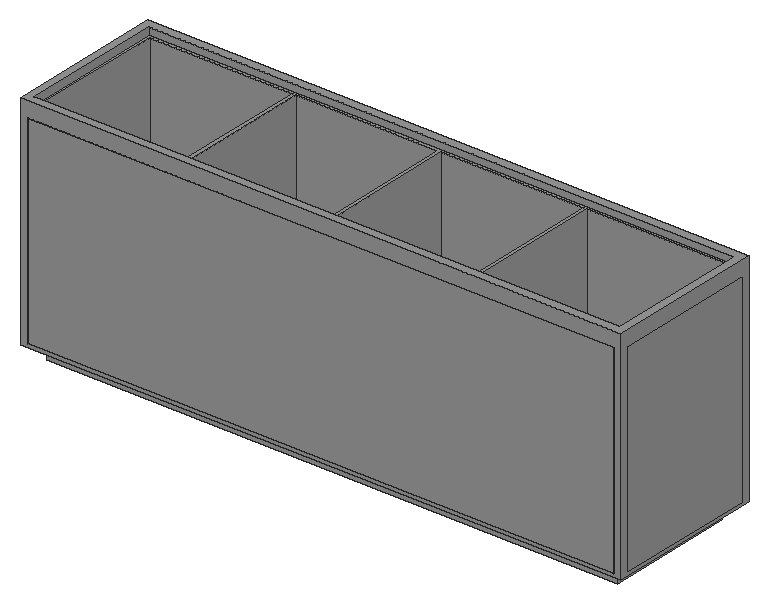
Revit family "15224 Умная урна Смартчейн версия 1.0 Хоббика", category Антураж, Revit 2018
Family settings
  На основе рабочей плоскости = Нет
  Всегда вертикально = Да
  При загрузке вырезать с полостями = Нет
  Источник визуального образа = Геометрия семейства
  Общий = Нет
  Точка расчета площади = Нет
Parameters (values of type "4 секции")
  Экран = Экран
  Ширина = 540 mm  # constant formula
  Цвет каркаса = Сталь
  Описание = if([1 секция], "Умная урна Смартчейн версия 1.0. Версия на 1 секцию", if([2 секции], "Умная урна Смартчейн версия 1.0. Версия на 2 секции", if([3 секции], "Умная урна Смартчейн версия 1.0. Версия на 3 секции", "Умная урна Смартчейн версия 1.0. Версия на 4 секции")))  # "Умная урна Смартчейн версия 1.0. Версия на 4 секции"
  Материал изделия = "Сталь"  # constant formula
  Изображение типоразмера = Умная урна Смартчейн версия 1.0 Арт 15224 4 секции.jpg
  Изготовитель = "ООО «Хоббика»"  # constant formula
  Длина = if([1 секция], 540 mm, if([2 секции], 1040 mm, if([3 секции], 1540 mm, 2040 mm)))  # 2040 mm
  Группа модели = "Умная городская мебель"  # constant formula
  Высота = 800 mm  # constant formula
  Артикул товара = "Арт. 15224"  # constant formula
  URL = "https://hobbyka.ru/product/umnaya_urna_1"
  4 секции = yes
  3 секции = no
  2 секции = no
  1 секция = no
Types (5, lengths in mm): name | Описание | Изображение типоразмера | Длина | 4 секции | 2 секции | 1 секция
  (no name) | "Умная урна Смартчейн версия 1.0. Версия на 4 секции" | Умная урна Смартчейн версия 1.0 Арт 15224 4 секции.jpg | 2040 | yes | no | no
  1 секция | "Умная урна Смартчейн версия 1.0. Версия на 1 секцию" | Умная урна Смартчейн версия 1.0 Арт 15224 1 секция.jpeg | 540 | no | no | yes
  2 секции | "Умная урна Смартчейн версия 1.0. Версия на 2 секции" | Умная урна Смартчейн версия 1.0 Арт 15224 2 секции.jpeg | 1040 | no | yes | no
  3 секции | "Умная урна Смартчейн версия 1.0. Версия на 4 секции" | Умная урна Смартчейн версия 1.0 Арт 15224 3 секции.jpg | 2040 | yes | no | no
  4 секции | "Умная урна Смартчейн версия 1.0. Версия на 4 секции" | Умная урна Смартчейн версия 1.0 Арт 15224 4 секции.jpg | 2040 | yes | no | no
Reference planes
  plane 1 "По центру (Вперед/Назад)": y = 0
  plane 2: z = 0
  plane 3 "По центру (Влево/Вправо)": x = 0
  plane 4: y = 540
  plane 5: x = 2040
  plane 6: z = 800
Dimensions and locks
  "Длина": plane 3 "По центру (Влево/Вправо)" to plane 5
  "Ширина": plane 4 to plane 1 "По центру (Вперед/Назад)"
  "Высота": plane 6 to plane 2
  aligned and locked: level to plane 2
  aligned and locked: plane 1 "По центру (Вперед/Назад)" to nested 1
  aligned and locked: plane 3 "По центру (Влево/Вправо)" to nested 1
  aligned and locked: plane 1 "По центру (Вперед/Назад)" to nested 2
  aligned and locked: plane 1 "По центру (Вперед/Назад)" to nested 3
  aligned and locked: plane 1 "По центру (Вперед/Назад)" to nested 4
  aligned and locked: plane 3 "По центру (Влево/Вправо)" to nested 2
  aligned and locked: plane 3 "По центру (Влево/Вправо)" to nested 3
  aligned and locked: plane 3 "По центру (Влево/Вправо)" to nested 4
Nested families
  nested 1: "Умная урна Смартчейн версия 1.0 4 секции" at (0, 0, 0), visible <- "4 секции", type "Умная урна Смартчейн версия 1.0 4 секции"
  nested 2: "Умная урна Смартчейн версия 1.0 1 секция" at (0, 0, 0), visible <- "1 секция", type "Умная урна Смартчейн версия 1.0 1 секция"
  nested 3: "Умная урна Смартчейн версия 1.0 2 секции" at (0, 0, 0), visible <- "2 секции", type "Умная урна Смартчейн версия 1.0 2 секции"
  nested 4: "Умная урна Смартчейн версия 1.0 3 секции" at (0, 0, 0), visible <- "3 секции", type "Умная урна Смартчейн версия 1.0 3 секции"
Definition of nested family "Умная урна Смартчейн версия 1.0 4 секции"
  Parameters (values of type "Умная урна Смартчейн версия 1.0 4 секции")
    Экран = none
    Ширина = 540 mm
    Цвет каркаса = none
    Длина = 2040 mm
    Height = 0 mm
  Reference planes
    plane 1 "По центру (Вперед/Назад)": y = 0
    plane 2: z = 0
    plane 3 "По центру (Влево/Вправо)": x = 0
    plane 4: y = 540
    plane 5: x = 2040
  Forms (mm)
    Extrusion 1, solid, material <- "Цвет каркаса"
      sketch origin (0, 0, 0) x (1, 0, 0) y (0, 1, 0)
        loop
          line (50, 490) -> (50, 50) -> (1990, 50) -> (1990, 490) -> (50, 490)
      from 0 to 50
    Extrusion 2, solid, material <- "Цвет каркаса"
      sketch origin (0, 0, 0) x (1, 0, 0) y (0, 1, 0)
        loop
          line (0, 540) -> (0, 0) -> (2040, 0) -> (2040, 540) -> (0, 540)
      from 50 to 60
    Extrusion 3, solid, material <- "Цвет каркаса"
      sketch origin (0, 0, 0) x (1, 0, 0) y (0, 1, 0)
        loop
          line (0, 540) -> (0, 515) -> (25, 515) -> (25, 540) -> (0, 540)
        loop
          line (2015, 540) -> (2015, 515) -> (2040, 515) -> (2040, 540) -> (2015, 540)
        loop
          line (0, 25) -> (0, 0) -> (25, 0) -> (25, 25) -> (0, 25)
        loop
          line (2015, 25) -> (2015, 0) -> (2040, 0) -> (2040, 25) -> (2015, 25)
      from 60 to 750
    Extrusion 4, solid, material <- "Цвет каркаса"
      sketch origin (0, 0, 0) x (1, 0, 0) y (0, 1, 0)
        loop
          line (25, 515) -> (2015, 515) -> (2015, 527.5) -> (25, 527.5) -> (25, 515)
        loop
          line (25, 12.5) -> (2015, 12.5) -> (2015, 25) -> (25, 25) -> (25, 12.5)
      from 60 to 750
    Extrusion 5, solid, material <- "Цвет каркаса"
      sketch origin (0, 540, 0) x (0, -1, 0) y (1, 0, 0)
        loop
          line (25, 2015) -> (515, 2015) -> (515, 2027.5) -> (25, 2027.5) -> (25, 2015)
        loop
          line (25, 12.5) -> (515, 12.5) -> (515, 25) -> (25, 25) -> (25, 12.5)
      from 60 to 750
    Extrusion 6, solid, material <- "Цвет каркаса"
      sketch origin (0, 0, 0) x (1, 0, 0) y (0, 1, 0)
        loop
          line (0, 540) -> (0, 0) -> (2040, 0) -> (2040, 540) -> (0, 540)
        loop
          line (25, 515) -> (25, 25) -> (2015, 25) -> (2015, 515) -> (25, 515)
      from 750 to 800
    Extrusion 7, solid, material <- "Экран"
      sketch origin (0, 0, 0) x (1, 0, 0) y (0, 1, 0)
        loop
          line (25, 540) -> (25, 527.5) -> (2015, 527.5) -> (2015, 540) -> (25, 540)
        loop
          line (2027.5, 515) -> (2027.5, 25) -> (2040, 25) -> (2040, 515) -> (2027.5, 515)
        loop
          line (2015, 12.5) -> (25, 12.5) -> (25, 0) -> (2015, 0) -> (2015, 12.5)
        loop
          line (12.5, 25) -> (12.5, 515) -> (0, 515) -> (0, 25) -> (12.5, 25)
      from 60 to 750
    Extrusion 8, solid
      sketch origin (0, 0, 0) x (1, 0, 0) y (0, 1, 0)
        loop
          line (25, 515) -> (25, 25) -> (2015, 25) -> (2015, 515) -> (25, 515)
      from 60 to 70
    Extrusion 9, solid
      sketch origin (0, 0, 0) x (1, 0, 0) y (0, 1, 0)
        loop
          line (25, 515) -> (25, 25) -> (2015, 25) -> (2015, 515) -> (25, 515)
        loop
          line (35, 505) -> (35, 35) -> (520, 35) -> (520, 505) -> (35, 505)
        loop
          line (2005, 505) -> (1520, 505) -> (1520, 35) -> (2005, 35) -> (2005, 505)
        loop
          line (530, 505) -> (530, 35) -> (1015, 35) -> (1015, 505) -> (530, 505)
        loop
          line (1025, 505) -> (1025, 35) -> (1510, 35) -> (1510, 505) -> (1025, 505)
      from 70 to 775
  Cuts and joins
    joined: Extrusion 1, Extrusion 2, Extrusion 3, Extrusion 4, Extrusion 5, Extrusion 6
  Dimensions and locks
    "Длина": plane 3 "По центру (Влево/Вправо)" to plane 5
    "Ширина": plane 4 to plane 1 "По центру (Вперед/Назад)"
    aligned and locked: level to plane 2
  Automatic sketch dimensions
    Extrusion 1 sketch curve to plane 1 "По центру (Вперед/Назад)" = 50 mm
    plane 3 "По центру (Влево/Вправо)" to Extrusion 1 sketch curve = 50 mm
    Extrusion 1 sketch curve to plane 5 = 50 mm
    Extrusion 1 sketch curve to plane 4 = 50 mm
    plane 1 "По центру (Вперед/Назад)" to Extrusion 2 sketch curve = 0 mm
    Extrusion 2 sketch curve to plane 3 "По центру (Влево/Вправо)" = 0 mm
    Extrusion 2 sketch curve to plane 5 = 0 mm
    Extrusion 2 sketch curve to plane 4 = 0 mm
    Extrusion 3 sketch curve to plane 3 "По центру (Влево/Вправо)" = 0 mm  (x2)
    plane 1 "По центру (Вперед/Назад)" to Extrusion 3 sketch curve = 0 mm  (x2)
    Extrusion 3 sketch curve to plane 4 = 0 mm  (x2)
    Extrusion 3 sketch curve to plane 5 = 0 mm  (x2)
    plane 3 "По центру (Влево/Вправо)" to Extrusion 3 sketch curve = 25 mm  (x2)
    Extrusion 3 sketch curve to plane 5 = 25 mm
    Extrusion 3 sketch curve to Extrusion 3 sketch curve = 25 mm  (x3)
    Extrusion 3 sketch curve to plane 1 "По центру (Вперед/Назад)" = 25 mm
    Extrusion 3 sketch curve to plane 4 = 25 mm
    plane 3 "По центру (Влево/Вправо)" to Extrusion 4 sketch curve = 25 mm  (x2)
    Extrusion 4 sketch curve to plane 4 = 12.5 mm
    Extrusion 4 sketch curve to plane 5 = 25 mm  (x2)
    Extrusion 4 sketch curve to plane 1 "По центру (Вперед/Назад)" = 12.5 mm
    Extrusion 4 sketch curve to Extrusion 4 sketch curve = 12.5 mm  (x2)
    Extrusion 5 sketch curve to plane 4 = 25 mm  (x2)
    Extrusion 5 sketch curve to plane 1 "По центру (Вперед/Назад)" = 25 mm  (x2)
    plane 3 "По центру (Влево/Вправо)" to Extrusion 5 sketch curve = 12.5 mm
    Extrusion 5 sketch curve to Extrusion 5 sketch curve = 12.5 mm  (x2)
    Extrusion 5 sketch curve to plane 5 = 25 mm
    plane 1 "По центру (Вперед/Назад)" to Extrusion 6 sketch curve = 0 mm
    Extrusion 6 sketch curve to plane 3 "По центру (Влево/Вправо)" = 0 mm
    Extrusion 6 sketch curve to plane 4 = 0 mm
    Extrusion 6 sketch curve to plane 5 = 0 mm
    plane 3 "По центру (Влево/Вправо)" to Extrusion 6 sketch curve = 25 mm
    Extrusion 6 sketch curve to plane 5 = 25 mm
    Extrusion 6 sketch curve to plane 1 "По центру (Вперед/Назад)" = 25 mm
    Extrusion 6 sketch curve to plane 4 = 25 mm
    Extrusion 7 sketch curve to plane 3 "По центру (Влево/Вправо)" = 0 mm
    Extrusion 7 sketch curve to plane 4 = 0 mm
    plane 1 "По центру (Вперед/Назад)" to Extrusion 7 sketch curve = 0 mm
    Extrusion 7 sketch curve to plane 5 = 0 mm
    plane 3 "По центру (Влево/Вправо)" to Extrusion 7 sketch curve = 12.5 mm
    Extrusion 7 sketch curve to Extrusion 7 sketch curve = 12.5 mm  (x3)
    plane 3 "По центру (Влево/Вправо)" to Extrusion 7 sketch curve = 25 mm
    Extrusion 7 sketch curve to plane 1 "По центру (Вперед/Назад)" = 12.5 mm
    Extrusion 7 sketch curve to plane 5 = 25 mm  (x2)
    Extrusion 7 sketch curve to plane 1 "По центру (Вперед/Назад)" = 25 mm
    Extrusion 7 sketch curve to plane 4 = 25 mm  (x2)
    Extrusion 7 sketch curve to plane 4 = 12.5 mm
    plane 3 "По центру (Влево/Вправо)" to Extrusion 8 sketch curve = 25 mm
    Extrusion 8 sketch curve to plane 5 = 25 mm
    Extrusion 8 sketch curve to plane 1 "По центру (Вперед/Назад)" = 25 mm
    Extrusion 8 sketch curve to plane 4 = 25 mm
    plane 3 "По центру (Влево/Вправо)" to Extrusion 9 sketch curve = 25 mm
    Extrusion 9 sketch curve to Extrusion 9 sketch curve = 10 mm  (x7)
    Extrusion 9 sketch curve to plane 4 = 35 mm  (x4)
    Extrusion 9 sketch curve to plane 1 "По центру (Вперед/Назад)" = 35 mm  (x3)
    Extrusion 9 sketch curve to plane 1 "По центру (Вперед/Назад)" = 25 mm
    Extrusion 9 sketch curve to Extrusion 9 sketch curve = 485 mm  (x3)
    Extrusion 9 sketch curve to plane 5 = 35 mm
Definition of nested family "Умная урна Смартчейн версия 1.0 1 секция"
  Parameters (values of type "Умная урна Смартчейн версия 1.0 1 секция")
    Экран = none
    Ширина = 540 mm
    Цвет каркаса = none
    Длина = 540 mm
    Height = 0 mm
  Reference planes
    plane 1 "По центру (Вперед/Назад)": y = 0
    plane 2: z = 0
    plane 3 "По центру (Влево/Вправо)": x = 0
    plane 4: y = 540
    plane 5: x = 540
  Forms (mm)
    Extrusion 1, solid, material <- "Цвет каркаса"
      sketch origin (0, 0, 0) x (1, 0, 0) y (0, 1, 0)
        loop
          line (50, 490) -> (50, 50) -> (490, 50) -> (490, 490) -> (50, 490)
      from 0 to 50
    Extrusion 2, solid, material <- "Цвет каркаса"
      sketch origin (0, 0, 0) x (1, 0, 0) y (0, 1, 0)
        loop
          line (0, 540) -> (0, 0) -> (540, 0) -> (540, 540) -> (0, 540)
      from 50 to 60
    Extrusion 3, solid, material <- "Цвет каркаса"
      sketch origin (0, 0, 0) x (1, 0, 0) y (0, 1, 0)
        loop
          line (0, 540) -> (0, 515) -> (25, 515) -> (25, 540) -> (0, 540)
        loop
          line (515, 540) -> (515, 515) -> (540, 515) -> (540, 540) -> (515, 540)
        loop
          line (0, 25) -> (0, 0) -> (25, 0) -> (25, 25) -> (0, 25)
        loop
          line (515, 25) -> (515, 0) -> (540, 0) -> (540, 25) -> (515, 25)
      from 60 to 750
    Extrusion 4, solid, material <- "Цвет каркаса"
      sketch origin (0, 0, 0) x (1, 0, 0) y (0, 1, 0)
        loop
          line (25, 515) -> (515, 515) -> (515, 527.5) -> (25, 527.5) -> (25, 515)
        loop
          line (25, 12.5) -> (515, 12.5) -> (515, 25) -> (25, 25) -> (25, 12.5)
      from 60 to 750
    Extrusion 5, solid, material <- "Цвет каркаса"
      sketch origin (0, 540, 0) x (0, -1, 0) y (1, 0, 0)
        loop
          line (25, 515) -> (515, 515) -> (515, 527.5) -> (25, 527.5) -> (25, 515)
        loop
          line (25, 12.5) -> (515, 12.5) -> (515, 25) -> (25, 25) -> (25, 12.5)
      from 60 to 750
    Extrusion 6, solid, material <- "Цвет каркаса"
      sketch origin (0, 0, 0) x (1, 0, 0) y (0, 1, 0)
        loop
          line (0, 540) -> (0, 0) -> (540, 0) -> (540, 540) -> (0, 540)
        loop
          line (25, 515) -> (25, 25) -> (515, 25) -> (515, 515) -> (25, 515)
      from 750 to 800
    Extrusion 7, solid, material <- "Экран"
      sketch origin (0, 0, 0) x (1, 0, 0) y (0, 1, 0)
        loop
          line (25, 540) -> (25, 527.5) -> (515, 527.5) -> (515, 540) -> (25, 540)
        loop
          line (527.5, 515) -> (527.5, 25) -> (540, 25) -> (540, 515) -> (527.5, 515)
        loop
          line (515, 12.5) -> (25, 12.5) -> (25, 0) -> (515, 0) -> (515, 12.5)
        loop
          line (12.5, 25) -> (12.5, 515) -> (0, 515) -> (0, 25) -> (12.5, 25)
      from 60 to 750
    Extrusion 8, solid
      sketch origin (0, 0, 0) x (1, 0, 0) y (0, 1, 0)
        loop
          line (25, 515) -> (25, 25) -> (515, 25) -> (515, 515) -> (25, 515)
      from 60 to 70
    Extrusion 9, solid
      sketch origin (0, 0, 0) x (1, 0, 0) y (0, 1, 0)
        loop
          line (25, 515) -> (25, 25) -> (515, 25) -> (515, 515) -> (25, 515)
        loop
          line (35, 505) -> (35, 35) -> (505, 35) -> (505, 505) -> (35, 505)
      from 70 to 775
  Cuts and joins
    joined: Extrusion 1, Extrusion 2, Extrusion 3, Extrusion 4, Extrusion 5, Extrusion 6
  Dimensions and locks
    "Длина": plane 3 "По центру (Влево/Вправо)" to plane 5
    "Ширина": plane 4 to plane 1 "По центру (Вперед/Назад)"
    aligned and locked: level to plane 2
  Automatic sketch dimensions
    Extrusion 1 sketch curve to plane 1 "По центру (Вперед/Назад)" = 50 mm
    plane 3 "По центру (Влево/Вправо)" to Extrusion 1 sketch curve = 50 mm
    Extrusion 1 sketch curve to plane 5 = 50 mm
    Extrusion 1 sketch curve to plane 4 = 50 mm
    plane 1 "По центру (Вперед/Назад)" to Extrusion 2 sketch curve = 0 mm
    Extrusion 2 sketch curve to plane 3 "По центру (Влево/Вправо)" = 0 mm
    Extrusion 2 sketch curve to plane 5 = 0 mm
    Extrusion 2 sketch curve to plane 4 = 0 mm
    Extrusion 3 sketch curve to plane 3 "По центру (Влево/Вправо)" = 0 mm  (x2)
    plane 1 "По центру (Вперед/Назад)" to Extrusion 3 sketch curve = 0 mm  (x2)
    Extrusion 3 sketch curve to plane 4 = 0 mm  (x2)
    Extrusion 3 sketch curve to plane 5 = 0 mm  (x2)
    plane 3 "По центру (Влево/Вправо)" to Extrusion 3 sketch curve = 25 mm  (x2)
    Extrusion 3 sketch curve to plane 5 = 25 mm
    Extrusion 3 sketch curve to Extrusion 3 sketch curve = 25 mm  (x3)
    Extrusion 3 sketch curve to plane 1 "По центру (Вперед/Назад)" = 25 mm
    Extrusion 3 sketch curve to plane 4 = 25 mm
    plane 3 "По центру (Влево/Вправо)" to Extrusion 4 sketch curve = 25 mm  (x2)
    Extrusion 4 sketch curve to plane 4 = 12.5 mm
    Extrusion 4 sketch curve to plane 5 = 25 mm  (x2)
    Extrusion 4 sketch curve to plane 1 "По центру (Вперед/Назад)" = 12.5 mm
    Extrusion 4 sketch curve to Extrusion 4 sketch curve = 12.5 mm  (x2)
    Extrusion 5 sketch curve to plane 4 = 25 mm  (x2)
    Extrusion 5 sketch curve to plane 1 "По центру (Вперед/Назад)" = 25 mm  (x2)
    plane 3 "По центру (Влево/Вправо)" to Extrusion 5 sketch curve = 12.5 mm
    Extrusion 5 sketch curve to Extrusion 5 sketch curve = 12.5 mm  (x2)
    Extrusion 5 sketch curve to plane 5 = 25 mm
    plane 1 "По центру (Вперед/Назад)" to Extrusion 6 sketch curve = 0 mm
    Extrusion 6 sketch curve to plane 3 "По центру (Влево/Вправо)" = 0 mm
    Extrusion 6 sketch curve to plane 4 = 0 mm
    Extrusion 6 sketch curve to plane 5 = 0 mm
    plane 3 "По центру (Влево/Вправо)" to Extrusion 6 sketch curve = 25 mm
    Extrusion 6 sketch curve to plane 5 = 25 mm
    Extrusion 6 sketch curve to plane 1 "По центру (Вперед/Назад)" = 25 mm
    Extrusion 6 sketch curve to plane 4 = 25 mm
    Extrusion 7 sketch curve to plane 3 "По центру (Влево/Вправо)" = 0 mm
    Extrusion 7 sketch curve to plane 4 = 0 mm
    plane 1 "По центру (Вперед/Назад)" to Extrusion 7 sketch curve = 0 mm
    Extrusion 7 sketch curve to plane 5 = 0 mm
    plane 3 "По центру (Влево/Вправо)" to Extrusion 7 sketch curve = 12.5 mm
    Extrusion 7 sketch curve to Extrusion 7 sketch curve = 12.5 mm  (x3)
    plane 3 "По центру (Влево/Вправо)" to Extrusion 7 sketch curve = 25 mm
    Extrusion 7 sketch curve to plane 1 "По центру (Вперед/Назад)" = 12.5 mm
    Extrusion 7 sketch curve to plane 5 = 25 mm  (x2)
    Extrusion 7 sketch curve to plane 1 "По центру (Вперед/Назад)" = 25 mm
    Extrusion 7 sketch curve to plane 4 = 25 mm  (x2)
    Extrusion 7 sketch curve to plane 4 = 12.5 mm
    plane 3 "По центру (Влево/Вправо)" to Extrusion 8 sketch curve = 25 mm
    Extrusion 8 sketch curve to plane 5 = 25 mm
    Extrusion 8 sketch curve to plane 1 "По центру (Вперед/Назад)" = 25 mm
    Extrusion 8 sketch curve to plane 4 = 25 mm
    plane 3 "По центру (Влево/Вправо)" to Extrusion 9 sketch curve = 25 mm
    Extrusion 9 sketch curve to plane 5 = 25 mm
    Extrusion 9 sketch curve to plane 1 "По центру (Вперед/Назад)" = 25 mm
    Extrusion 9 sketch curve to plane 4 = 25 mm
    Extrusion 9 sketch curve to Extrusion 9 sketch curve = 10 mm  (x4)
Definition of nested family "Умная урна Смартчейн версия 1.0 2 секции"
  Parameters (values of type "Умная урна Смартчейн версия 1.0 2 секции")
    Экран = none
    Ширина = 540 mm
    Цвет каркаса = none
    Длина = 1040 mm
    Height = 0 mm
  Reference planes
    plane 1 "По центру (Вперед/Назад)": y = 0
    plane 2: z = 0
    plane 3 "По центру (Влево/Вправо)": x = 0
    plane 4: y = 540
    plane 5: x = 1040
  Forms (mm)
    Extrusion 1, solid, material <- "Цвет каркаса"
      sketch origin (0, 0, 0) x (1, 0, 0) y (0, 1, 0)
        loop
          line (50, 490) -> (50, 50) -> (990, 50) -> (990, 490) -> (50, 490)
      from 0 to 50
    Extrusion 2, solid, material <- "Цвет каркаса"
      sketch origin (0, 0, 0) x (1, 0, 0) y (0, 1, 0)
        loop
          line (0, 540) -> (0, 0) -> (1040, 0) -> (1040, 540) -> (0, 540)
      from 50 to 60
    Extrusion 3, solid, material <- "Цвет каркаса"
      sketch origin (0, 0, 0) x (1, 0, 0) y (0, 1, 0)
        loop
          line (0, 540) -> (0, 515) -> (25, 515) -> (25, 540) -> (0, 540)
        loop
          line (1015, 540) -> (1015, 515) -> (1040, 515) -> (1040, 540) -> (1015, 540)
        loop
          line (0, 25) -> (0, 0) -> (25, 0) -> (25, 25) -> (0, 25)
        loop
          line (1015, 25) -> (1015, 0) -> (1040, 0) -> (1040, 25) -> (1015, 25)
      from 60 to 750
    Extrusion 4, solid, material <- "Цвет каркаса"
      sketch origin (0, 0, 0) x (1, 0, 0) y (0, 1, 0)
        loop
          line (25, 515) -> (1015, 515) -> (1015, 527.5) -> (25, 527.5) -> (25, 515)
        loop
          line (25, 12.5) -> (1015, 12.5) -> (1015, 25) -> (25, 25) -> (25, 12.5)
      from 60 to 750
    Extrusion 5, solid, material <- "Цвет каркаса"
      sketch origin (0, 540, 0) x (0, -1, 0) y (1, 0, 0)
        loop
          line (25, 1015) -> (515, 1015) -> (515, 1027.5) -> (25, 1027.5) -> (25, 1015)
        loop
          line (25, 12.5) -> (515, 12.5) -> (515, 25) -> (25, 25) -> (25, 12.5)
      from 60 to 750
    Extrusion 6, solid, material <- "Цвет каркаса"
      sketch origin (0, 0, 0) x (1, 0, 0) y (0, 1, 0)
        loop
          line (0, 540) -> (0, 0) -> (1040, 0) -> (1040, 540) -> (0, 540)
        loop
          line (25, 515) -> (25, 25) -> (1015, 25) -> (1015, 515) -> (25, 515)
      from 750 to 800
    Extrusion 7, solid, material <- "Экран"
      sketch origin (0, 0, 0) x (1, 0, 0) y (0, 1, 0)
        loop
          line (25, 540) -> (25, 527.5) -> (1015, 527.5) -> (1015, 540) -> (25, 540)
        loop
          line (1027.5, 515) -> (1027.5, 25) -> (1040, 25) -> (1040, 515) -> (1027.5, 515)
        loop
          line (1015, 12.5) -> (25, 12.5) -> (25, 0) -> (1015, 0) -> (1015, 12.5)
        loop
          line (12.5, 25) -> (12.5, 515) -> (0, 515) -> (0, 25) -> (12.5, 25)
      from 60 to 750
    Extrusion 8, solid
      sketch origin (0, 0, 0) x (1, 0, 0) y (0, 1, 0)
        loop
          line (25, 515) -> (25, 25) -> (1015, 25) -> (1015, 515) -> (25, 515)
      from 60 to 70
    Extrusion 9, solid
      sketch origin (0, 0, 0) x (1, 0, 0) y (0, 1, 0)
        loop
          line (25, 515) -> (25, 25) -> (1015, 25) -> (1015, 515) -> (25, 515)
        loop
          line (35, 505) -> (35, 35) -> (515, 35) -> (515, 505) -> (35, 505)
        loop
          line (1005, 505) -> (525, 505) -> (525, 35) -> (1005, 35) -> (1005, 505)
      from 70 to 775
  Cuts and joins
    joined: Extrusion 1, Extrusion 2, Extrusion 3, Extrusion 4, Extrusion 5, Extrusion 6
  Dimensions and locks
    "Длина": plane 3 "По центру (Влево/Вправо)" to plane 5
    "Ширина": plane 4 to plane 1 "По центру (Вперед/Назад)"
    aligned and locked: level to plane 2
  Automatic sketch dimensions
    Extrusion 1 sketch curve to plane 1 "По центру (Вперед/Назад)" = 50 mm
    plane 3 "По центру (Влево/Вправо)" to Extrusion 1 sketch curve = 50 mm
    Extrusion 1 sketch curve to plane 5 = 50 mm
    Extrusion 1 sketch curve to plane 4 = 50 mm
    plane 1 "По центру (Вперед/Назад)" to Extrusion 2 sketch curve = 0 mm
    Extrusion 2 sketch curve to plane 3 "По центру (Влево/Вправо)" = 0 mm
    Extrusion 2 sketch curve to plane 5 = 0 mm
    Extrusion 2 sketch curve to plane 4 = 0 mm
    Extrusion 3 sketch curve to plane 3 "По центру (Влево/Вправо)" = 0 mm  (x2)
    plane 1 "По центру (Вперед/Назад)" to Extrusion 3 sketch curve = 0 mm  (x2)
    Extrusion 3 sketch curve to plane 4 = 0 mm  (x2)
    Extrusion 3 sketch curve to plane 5 = 0 mm  (x2)
    plane 3 "По центру (Влево/Вправо)" to Extrusion 3 sketch curve = 25 mm  (x2)
    Extrusion 3 sketch curve to plane 5 = 25 mm
    Extrusion 3 sketch curve to Extrusion 3 sketch curve = 25 mm  (x3)
    Extrusion 3 sketch curve to plane 1 "По центру (Вперед/Назад)" = 25 mm
    Extrusion 3 sketch curve to plane 4 = 25 mm
    plane 3 "По центру (Влево/Вправо)" to Extrusion 4 sketch curve = 25 mm  (x2)
    Extrusion 4 sketch curve to plane 4 = 12.5 mm
    Extrusion 4 sketch curve to plane 5 = 25 mm  (x2)
    Extrusion 4 sketch curve to plane 1 "По центру (Вперед/Назад)" = 12.5 mm
    Extrusion 4 sketch curve to Extrusion 4 sketch curve = 12.5 mm  (x2)
    Extrusion 5 sketch curve to plane 4 = 25 mm  (x2)
    Extrusion 5 sketch curve to plane 1 "По центру (Вперед/Назад)" = 25 mm  (x2)
    plane 3 "По центру (Влево/Вправо)" to Extrusion 5 sketch curve = 12.5 mm
    Extrusion 5 sketch curve to Extrusion 5 sketch curve = 12.5 mm  (x2)
    Extrusion 5 sketch curve to plane 5 = 25 mm
    plane 1 "По центру (Вперед/Назад)" to Extrusion 6 sketch curve = 0 mm
    Extrusion 6 sketch curve to plane 3 "По центру (Влево/Вправо)" = 0 mm
    Extrusion 6 sketch curve to plane 4 = 0 mm
    Extrusion 6 sketch curve to plane 5 = 0 mm
    plane 3 "По центру (Влево/Вправо)" to Extrusion 6 sketch curve = 25 mm
    Extrusion 6 sketch curve to plane 5 = 25 mm
    Extrusion 6 sketch curve to plane 1 "По центру (Вперед/Назад)" = 25 mm
    Extrusion 6 sketch curve to plane 4 = 25 mm
    Extrusion 7 sketch curve to plane 3 "По центру (Влево/Вправо)" = 0 mm
    Extrusion 7 sketch curve to plane 4 = 0 mm
    plane 1 "По центру (Вперед/Назад)" to Extrusion 7 sketch curve = 0 mm
    Extrusion 7 sketch curve to plane 5 = 0 mm
    plane 3 "По центру (Влево/Вправо)" to Extrusion 7 sketch curve = 12.5 mm
    Extrusion 7 sketch curve to Extrusion 7 sketch curve = 12.5 mm  (x3)
    plane 3 "По центру (Влево/Вправо)" to Extrusion 7 sketch curve = 25 mm
    Extrusion 7 sketch curve to plane 1 "По центру (Вперед/Назад)" = 12.5 mm
    Extrusion 7 sketch curve to plane 5 = 25 mm  (x2)
    Extrusion 7 sketch curve to plane 1 "По центру (Вперед/Назад)" = 25 mm
    Extrusion 7 sketch curve to plane 4 = 25 mm  (x2)
    Extrusion 7 sketch curve to plane 4 = 12.5 mm
    plane 3 "По центру (Влево/Вправо)" to Extrusion 8 sketch curve = 25 mm
    Extrusion 8 sketch curve to plane 5 = 25 mm
    Extrusion 8 sketch curve to plane 1 "По центру (Вперед/Назад)" = 25 mm
    Extrusion 8 sketch curve to plane 4 = 25 mm
    plane 3 "По центру (Влево/Вправо)" to Extrusion 9 sketch curve = 25 mm
    Extrusion 9 sketch curve to Extrusion 9 sketch curve = 10 mm  (x5)
    Extrusion 9 sketch curve to plane 5 = 35 mm
    Extrusion 9 sketch curve to plane 1 "По центру (Вперед/Назад)" = 25 mm
    Extrusion 9 sketch curve to plane 4 = 35 mm
    Extrusion 9 sketch curve to Extrusion 9 sketch curve = 480 mm
    Extrusion 9 sketch curve to Extrusion 9 sketch curve = 0 mm  (x2)
Definition of nested family "Умная урна Смартчейн версия 1.0 3 секции"
  Parameters (values of type "Умная урна Смартчейн версия 1.0 3 секции")
    Экран = none
    Ширина = 540 mm
    Цвет каркаса = none
    Длина = 1540 mm
    Height = 0 mm
  Reference planes
    plane 1 "По центру (Вперед/Назад)": y = 0
    plane 2: z = 0
    plane 3 "По центру (Влево/Вправо)": x = 0
    plane 4: y = 540
    plane 5: x = 1540
  Forms (mm)
    Extrusion 1, solid, material <- "Цвет каркаса"
      sketch origin (0, 0, 0) x (1, 0, 0) y (0, 1, 0)
        loop
          line (50, 490) -> (50, 50) -> (1490, 50) -> (1490, 490) -> (50, 490)
      from 0 to 50
    Extrusion 2, solid, material <- "Цвет каркаса"
      sketch origin (0, 0, 0) x (1, 0, 0) y (0, 1, 0)
        loop
          line (0, 540) -> (0, 0) -> (1540, 0) -> (1540, 540) -> (0, 540)
      from 50 to 60
    Extrusion 3, solid, material <- "Цвет каркаса"
      sketch origin (0, 0, 0) x (1, 0, 0) y (0, 1, 0)
        loop
          line (0, 540) -> (0, 515) -> (25, 515) -> (25, 540) -> (0, 540)
        loop
          line (1515, 540) -> (1515, 515) -> (1540, 515) -> (1540, 540) -> (1515, 540)
        loop
          line (0, 25) -> (0, 0) -> (25, 0) -> (25, 25) -> (0, 25)
        loop
          line (1515, 25) -> (1515, 0) -> (1540, 0) -> (1540, 25) -> (1515, 25)
      from 60 to 750
    Extrusion 4, solid, material <- "Цвет каркаса"
      sketch origin (0, 0, 0) x (1, 0, 0) y (0, 1, 0)
        loop
          line (25, 515) -> (1515, 515) -> (1515, 527.5) -> (25, 527.5) -> (25, 515)
        loop
          line (25, 12.5) -> (1515, 12.5) -> (1515, 25) -> (25, 25) -> (25, 12.5)
      from 60 to 750
    Extrusion 5, solid, material <- "Цвет каркаса"
      sketch origin (0, 540, 0) x (0, -1, 0) y (1, 0, 0)
        loop
          line (25, 1515) -> (515, 1515) -> (515, 1527.5) -> (25, 1527.5) -> (25, 1515)
        loop
          line (25, 12.5) -> (515, 12.5) -> (515, 25) -> (25, 25) -> (25, 12.5)
      from 60 to 750
    Extrusion 6, solid, material <- "Цвет каркаса"
      sketch origin (0, 0, 0) x (1, 0, 0) y (0, 1, 0)
        loop
          line (0, 540) -> (0, 0) -> (1540, 0) -> (1540, 540) -> (0, 540)
        loop
          line (25, 515) -> (25, 25) -> (1515, 25) -> (1515, 515) -> (25, 515)
      from 750 to 800
    Extrusion 7, solid, material <- "Экран"
      sketch origin (0, 0, 0) x (1, 0, 0) y (0, 1, 0)
        loop
          line (25, 540) -> (25, 527.5) -> (1515, 527.5) -> (1515, 540) -> (25, 540)
        loop
          line (1527.5, 515) -> (1527.5, 25) -> (1540, 25) -> (1540, 515) -> (1527.5, 515)
        loop
          line (1515, 12.5) -> (25, 12.5) -> (25, 0) -> (1515, 0) -> (1515, 12.5)
        loop
          line (12.5, 25) -> (12.5, 515) -> (0, 515) -> (0, 25) -> (12.5, 25)
      from 60 to 750
    Extrusion 8, solid
      sketch origin (0, 0, 0) x (1, 0, 0) y (0, 1, 0)
        loop
          line (25, 515) -> (25, 25) -> (1515, 25) -> (1515, 515) -> (25, 515)
      from 60 to 70
    Extrusion 9, solid
      sketch origin (0, 0, 0) x (1, 0, 0) y (0, 1, 0)
        loop
          line (25, 515) -> (25, 25) -> (1515, 25) -> (1515, 515) -> (25, 515)
        loop
          line (35, 505) -> (35, 35) -> (515, 35) -> (515, 505) -> (35, 505)
        loop
          line (1505, 505) -> (1025, 505) -> (1025, 35) -> (1505, 35) -> (1505, 505)
        loop
          line (525, 505) -> (525, 35) -> (1015, 35) -> (1015, 505) -> (525, 505)
      from 70 to 775
  Cuts and joins
    joined: Extrusion 1, Extrusion 2, Extrusion 3, Extrusion 4, Extrusion 5, Extrusion 6
  Dimensions and locks
    "Длина": plane 3 "По центру (Влево/Вправо)" to plane 5
    "Ширина": plane 4 to plane 1 "По центру (Вперед/Назад)"
    aligned and locked: level to plane 2
  Automatic sketch dimensions
    Extrusion 1 sketch curve to plane 1 "По центру (Вперед/Назад)" = 50 mm
    plane 3 "По центру (Влево/Вправо)" to Extrusion 1 sketch curve = 50 mm
    Extrusion 1 sketch curve to plane 5 = 50 mm
    Extrusion 1 sketch curve to plane 4 = 50 mm
    plane 1 "По центру (Вперед/Назад)" to Extrusion 2 sketch curve = 0 mm
    Extrusion 2 sketch curve to plane 3 "По центру (Влево/Вправо)" = 0 mm
    Extrusion 2 sketch curve to plane 5 = 0 mm
    Extrusion 2 sketch curve to plane 4 = 0 mm
    Extrusion 3 sketch curve to plane 3 "По центру (Влево/Вправо)" = 0 mm  (x2)
    plane 1 "По центру (Вперед/Назад)" to Extrusion 3 sketch curve = 0 mm  (x2)
    Extrusion 3 sketch curve to plane 4 = 0 mm  (x2)
    Extrusion 3 sketch curve to plane 5 = 0 mm  (x2)
    plane 3 "По центру (Влево/Вправо)" to Extrusion 3 sketch curve = 25 mm  (x2)
    Extrusion 3 sketch curve to plane 5 = 25 mm
    Extrusion 3 sketch curve to Extrusion 3 sketch curve = 25 mm  (x3)
    Extrusion 3 sketch curve to plane 1 "По центру (Вперед/Назад)" = 25 mm
    Extrusion 3 sketch curve to plane 4 = 25 mm
    plane 3 "По центру (Влево/Вправо)" to Extrusion 4 sketch curve = 25 mm  (x2)
    Extrusion 4 sketch curve to plane 4 = 12.5 mm
    Extrusion 4 sketch curve to plane 5 = 25 mm  (x2)
    Extrusion 4 sketch curve to plane 1 "По центру (Вперед/Назад)" = 12.5 mm
    Extrusion 4 sketch curve to Extrusion 4 sketch curve = 12.5 mm  (x2)
    Extrusion 5 sketch curve to plane 4 = 25 mm  (x2)
    Extrusion 5 sketch curve to plane 1 "По центру (Вперед/Назад)" = 25 mm  (x2)
    plane 3 "По центру (Влево/Вправо)" to Extrusion 5 sketch curve = 12.5 mm
    Extrusion 5 sketch curve to Extrusion 5 sketch curve = 12.5 mm  (x2)
    Extrusion 5 sketch curve to plane 5 = 25 mm
    plane 1 "По центру (Вперед/Назад)" to Extrusion 6 sketch curve = 0 mm
    Extrusion 6 sketch curve to plane 3 "По центру (Влево/Вправо)" = 0 mm
    Extrusion 6 sketch curve to plane 4 = 0 mm
    Extrusion 6 sketch curve to plane 5 = 0 mm
    plane 3 "По центру (Влево/Вправо)" to Extrusion 6 sketch curve = 25 mm
    Extrusion 6 sketch curve to plane 5 = 25 mm
    Extrusion 6 sketch curve to plane 1 "По центру (Вперед/Назад)" = 25 mm
    Extrusion 6 sketch curve to plane 4 = 25 mm
    Extrusion 7 sketch curve to plane 3 "По центру (Влево/Вправо)" = 0 mm
    Extrusion 7 sketch curve to plane 4 = 0 mm
    plane 1 "По центру (Вперед/Назад)" to Extrusion 7 sketch curve = 0 mm
    Extrusion 7 sketch curve to plane 5 = 0 mm
    plane 3 "По центру (Влево/Вправо)" to Extrusion 7 sketch curve = 12.5 mm
    Extrusion 7 sketch curve to Extrusion 7 sketch curve = 12.5 mm  (x3)
    plane 3 "По центру (Влево/Вправо)" to Extrusion 7 sketch curve = 25 mm
    Extrusion 7 sketch curve to plane 1 "По центру (Вперед/Назад)" = 12.5 mm
    Extrusion 7 sketch curve to plane 5 = 25 mm  (x2)
    Extrusion 7 sketch curve to plane 1 "По центру (Вперед/Назад)" = 25 mm
    Extrusion 7 sketch curve to plane 4 = 25 mm  (x2)
    Extrusion 7 sketch curve to plane 4 = 12.5 mm
    plane 3 "По центру (Влево/Вправо)" to Extrusion 8 sketch curve = 25 mm
    Extrusion 8 sketch curve to plane 5 = 25 mm
    Extrusion 8 sketch curve to plane 1 "По центру (Вперед/Назад)" = 25 mm
    Extrusion 8 sketch curve to plane 4 = 25 mm
    plane 3 "По центру (Влево/Вправо)" to Extrusion 9 sketch curve = 25 mm
    Extrusion 9 sketch curve to plane 4 = 35 mm
    Extrusion 9 sketch curve to Extrusion 9 sketch curve = 10 mm  (x6)
    Extrusion 9 sketch curve to plane 1 "По центру (Вперед/Назад)" = 35 mm  (x2)
    Extrusion 9 sketch curve to Extrusion 9 sketch curve = 0 mm
    Extrusion 9 sketch curve to plane 4 = 25 mm
    Extrusion 9 sketch curve to plane 1 "По центру (Вперед/Назад)" = 25 mm
    Extrusion 9 sketch curve to Extrusion 9 sketch curve = 480 mm
    Extrusion 9 sketch curve to Extrusion 9 sketch curve = 490 mm
    Extrusion 9 sketch curve to plane 5 = 35 mm
